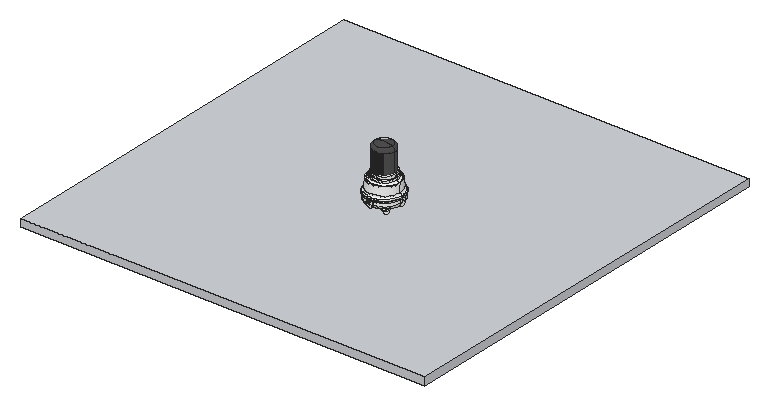
Revit family "ECJN05LLE", category Lighting Fixtures, host Face, Revit 2014
Parameters (values of type "ECJN05LLE")
  Wings = Paint - Hubbell - Light Silver
  Width = 280.00 mm
  Watts = 44 W
  Wattage Comments = "44W"
  Wattage = 44 W
  Warranty = "5 years Warranty"  # constant formula
  built-in parameter 1150110 = 1 (stored number, unit not read)
  Voltage = 120 V
  URL = "https://www.hubbell.com/chalmit/en"
  built-in parameter 1114217 = 1 (stored number, unit not read)
  Tilt Angle = 90.00°  # constant formula
  built-in parameter 1150109 = 1 (stored number, unit not read)
  built-in parameter 1150134 = 3
  built-in parameter 1150113 = 1 (stored number, unit not read)
  Reflector Finish = Hubbell - White Glass
  Product Link = "https://www.hubbell.com/chalmit/en/Products/Lighting-Controls/Harsh-Hazardous-Lighting/High-Bay---Low-Bay---Well-Glass/Eclipse-Jr-LED/p/2934993"
  Product Documentation Link = "https://hubbellcdn.com/specsheet/EclipseJr_Zone2_Datasheet_V4.pdf"
  Power Factor = 1
  Photometric Web File = "CHL_ECJN_05L_LE.ies"
  Pendent Height [instance] = 97.00 mm
  built-in parameter 1150142 = "﻿IESNA:LM-63-2002\r\n[TEST] PC19072546\r\n[TESTLAB] Hubbell Scotland\r\n[ISSUEDATE] 2019-07-25 \r\n[MANUFAC] Chalmit Lighting\r\n[LUMCAT]ECJN/05L/LE\r\n[LUMINAIRE]Eclipse Jnr LED\r\n[LAMPCAT] LED\r\n[LAMP]LED\r\n[_LUMTYPE] Low Bay\r\n[_LAMPTYPE] LED\r\n[_LAMPMORE] Light Emitting Diodes, White\r\n[_HAZRATING] Zone 2, Zone 22\r\n[_HAZPRO] Ex nA, Ex TC, ATEX\r\n[_ENVIRORATING] IP66\r\n[_AMBIENT] -40°C to +55°C\r\n[_MOUNT] Surface, Ceiling, Suspended, Wall, Stanchion, Pendent\r\n[_KEYWORDS] Wire Guard, Pole, Column, Mast\r\n[_DRAWFILE] ECLIPSEJR.dwg\r\n\r\nTILT=NONE\r\n1 -1 1 61 25 1 2 0.245 0.245 0.31\r\n1 1 40.92\r\n0 2.5 5 7.5 10 12.5 15 17.5 20 22.5 25 27.5 30 32.5 35 37.5 40 42.5 45 47.5 50 52.5 55 57.5 60 62.5 65 67.5 70 72.5 75 77.5 80 82.5 85 87.5 90 92.5 95 97.5 100 102.5 105 107.5 110 112.5 115 117.5 120 122.5 125 127.5 130 132.5 135 137.5 140 142.5 145 147.5 150\r\n0 15 30 45 60 75 90 105 120 135 150 165 180 195 210 225 240 255 270 285 300 315 330 345 360\r\n982.344 983.217 986.794 986.876 999.372 1050.22 1089.96 1034.5 914.355 838.618 828.806 855.618 888.536 891.746 891.317 898.788 896.052 881.263 848.185 815.74 778.782 744.459 706.506 675.355 647.519 613.944 584.294 558.727 530.736 502.63 475.504 444.666 411.306 376.511 340.811 308.648 287.954 270.961 260.639 248.099 236.833 224.263 213.599 202.587 189.239 174.442 157.46 142.049 130.095 116.232 99.9039 80.9484 32.7713 9.6001 8.48764 7.85578 7.4302 6.38387 5.40573 4.48224 3.90571\r\n984.641 981.267 978.646 968.076 996.394 1076.24 1092.31 1003.11 883.135 832.546 867.965 876.166 919.509 904.069 912.187 918.192 912.998 884.453 855.082 823.429 785.558 745.704 704.412 668.438 634.144 600.01 574.669 546.259 517.613 491.302 461.545 430.332 397.166 360.417 327.764 303.024 282.576 268.265 257.221 248.046 233.514 222.715 209.669 197.991 181.975 164.731 147.53 130.097 113.064 99.3001 86.9075 67.8367 33.1694 10.0688 8.52302 8.12018 7.99816 6.67936 5.15035 4.22456 3.8295\r\n985.544 982.117 971.899 955.975 970.904 1039.2 1087.89 1020.41 899.894 818.206 827.488 873.067 899.03 900.632 901.298 908.451 910.957 900.7 872.333 837.291 805.087 764.9 725.591 684.506 645.781 605.71 573.974 549.744 523.728 498.257 472.364 444.597 413.181 378.653 338.491 309.208 289.753 270.914 262.232 252.861 240.949 229.363 216.556 202.766 189.186 174.141 158.024 142.06 126.795 108.937 87.4486 65.5 32.6867 9.6184 7.9555 7.72787 7.3634 6.26291 5.09774 4.22386 3.55983\r\n982.204 979.544 965.87 942.21 968.781 1045.58 1071.76 973.419 849.136 799.942 851.733 874.631 902.056 898.46 905.121 912.419 911.246 885.375 851.906 819.225 786.876 749.508 709.769 669.215 630.172 594.97 567.468 539.521 510.71 483.555 458.09 429.879 397.167 360.625 328.358 304.547 281.567 268.895 260.072 249.524 238.235 225.267 212.912 199.776 184.055 169.004 152.82 139.807 128.55 112.538 90.4909 52.9245 16.0132 9.00145 7.81224 7.22565 7.15219 6.31803 4.71317 3.88102 3.06921\r\n983.927 982.628 976.561 954.262 967.651 1024.51 1076.52 1012.54 874.409 804.17 804.339 842.325 857.911 875.808 882.556 895.608 898.909 886.842 860.165 826.441 796.027 768.288 730.997 690.443 652.548 616.169 585.018 556.164 528.309 500.372 472.097 440.417 408.655 374.759 340.362 310.801 288.233 272.277 259.716 249.979 235.664 226.543 214.022 199.944 187.255 173.51 158.077 141.042 122.704 103.504 81.5108 58.5829 34.1032 11.3027 8.54885 8.02177 7.18187 6.02698 5.22111 3.92615 3.27581\r\n980.288 983.681 978.053 964.885 983.661 1036.69 1060.39 972.589 841.505 792.253 806.048 837.397 858.867 883.213 893.146 899.31 900.111 870.731 841.09 813.114 785.283 741.432 702.828 667.757 641.186 606.569 578.202 549.715 518.853 488.889 455.395 420.723 391.005 357.412 323.659 299.706 280.372 264.318 253.451 241.824 230.369 218.013 206.302 193.236 179.864 164 148.765 134.827 121.26 105.355 84.2456 60.4836 29.806 10.7196 8.11999 7.86813 6.76112 5.62593 4.08784 3.5484 2.20765\r\n982.3 984.762 984.429 967.767 963.264 1001.58 1052.53 1020.08 889.188 812.033 793.817 841.698 853.451 881.359 899.049 916.826 918.09 903.007 875.596 846.978 810.382 763.365 721.571 677.256 644.073 609.726 582.17 553.707 522.415 493.035 461.112 429.911 398.704 367.106 334.302 305.997 286.021 269.684 258.423 247.892 236.684 226.432 214.322 202.745 185.82 58.5862 45.768 39.1663 33.0067 26.0006 18.9375 9.09103 4.96505 4.08257 3.8542 3.52488 3.84483 3.35483 3.22262 2.36488 2.09772\r\n979.969 988.044 975.919 953.147 959.146 1011.07 1055.59 992.277 869.157 818.983 825.417 876.47 877.657 910.411 936.422 943.73 937.006 913.693 885.978 836.36 784.617 739.907 699.85 662.911 629.877 595.593 566 535.027 507.892 478.173 449.163 419.169 388.055 354.92 323.119 298.694 280.809 269.645 261.225 249.738 238.845 228.684 218.004 205.165 189.625 174.822 159.651 145.312 131.397 119.744 98.5211 66.4528 28.7679 9.39376 8.60435 7.87605 7.35515 6.596 4.86731 3.60504 2.64559\r\n981.325 986.577 986.765 946.138 929.699 970.277 1026.88 999.927 900.651 840.144 839.69 868.655 873.612 886.055 932.228 941.239 942.625 926.185 895.719 844.903 792.2 745.188 702.365 668.626 633.826 605.937 572.15 542.832 513.79 486.258 457.251 427.453 398.482 366.779 334.942 307.534 288.159 272.157 260.586 252.519 242.217 232.77 221.291 208.232 193.277 178.549 163.12 149.877 139.144 126.553 110.527 85.445 37.7408 9.99865 8.30215 8.33251 7.87421 6.3148 5.55555 4.52308 3.23628\r\n980.645 988.652 965.387 924.746 921.947 966.444 993.257 953.427 859.986 831.369 847.548 892.76 881.639 911.058 953.605 961.236 951.26 920.798 862.144 802.597 751.902 706.921 674.973 645.926 621.03 592.345 557.631 527.604 499.107 470.34 440.687 409.959 377.989 347.875 318.527 292.78 275.07 262.112 252.585 242.977 231.921 222.434 210.907 197.93 184.898 171.723 158.607 148.708 137.862 126.044 106.387 76.921 28.8606 9.49676 7.79786 8.07443 8.0947 6.68612 5.40689 4.79994 3.75726\r\n979.684 987.508 965.006 922.777 905.874 941.471 972.97 953.05 875.577 824.809 834.043 869.693 895.617 904.595 939.873 948.89 946.766 926.585 870.402 809.224 757.834 710.546 679.761 652.09 623.376 592.784 561 531.142 501.182 474.079 445.833 416.279 385.541 355.597 326.844 298.94 278.007 264.212 252.253 244.095 236.415 226.337 216.266 206.191 196.228 182.747 170.705 157.795 144.435 131.997 113.558 88.857 47.7096 11.5655 8.67284 8.44594 9.16232 7.61497 6.09673 4.61668 3.945\r\n980.881 979.617 946.356 903.89 908.572 946.713 968.921 923.506 833.999 790.076 806.777 848.344 860.474 888.44 929.037 930.288 925.746 890.269 828.275 775.606 728.28 695.632 666.826 637.281 604.942 569.592 539.651 509.108 480.62 455.564 426.421 397.804 367.513 337.977 308.455 283.174 267.963 261.04 255.023 246.156 238.692 230.083 219.192 207.283 195.193 183.507 165.51 147.138 132.21 120.137 105.334 75.8283 31.5529 9.99691 8.59924 9.09393 8.77136 7.90472 5.98175 4.91235 4.09655\r\n982.344 982.764 955.343 905.469 897.398 932.995 972.753 946.254 850.28 784.255 779.023 821.151 853.475 869.152 907.013 922.941 925.799 914.408 859.788 805.898 760.194 721.995 688.401 658.104 627.353 593.107 561.309 530.891 503.881 478.917 453.896 425.123 396.963 364.419 333.143 308.09 283.126 273.075 265.804 258.324 252.626 243.08 234.703 222.345 209.119 192.172 177.46 160.722 141.755 129.207 116.908 95.3229 57.7937 16.7957 9.82556 8.7159 9.01129 8.23139 7.11261 5.92229 4.63023\r\n984.641 993.609 972.695 921.86 901.182 933.772 991.051 987.6 879.94 788.266 779.124 819.234 856.101 873.525 911.869 942.702 937.774 931.972 877.256 826.03 781.518 740.086 707.346 677.121 654.064 624.109 591.408 556.526 527.956 497.133 467.801 438.022 408.503 379.641 347.25 319.423 300.479 287.029 276.309 269.453 259.254 249.254 238.559 226.6 212.108 194.929 180.395 165.516 152.213 139.767 128.476 114.39 75.6868 22.1573 9.19577 9.26272 9.46993 8.81127 7.53379 5.26658 4.50779\r\n985.544 990.11 956.115 913.423 919.172 961.096 1012.69 990.042 881.692 794.671 783.782 824.558 852.732 875.871 919.954 950.917 955.932 949.768 897.369 846.94 801.781 757.843 728.825 694.961 663.148 632.324 598.779 564.721 531.499 501.66 471.563 440.968 407.503 379.312 345.99 322.178 305.168 284.664 273.905 263.553 251.809 239.179 227.271 215.851 202.343 187.725 174.386 160.835 150.596 139.918 128.195 111.019 84.4715 23.9235 9.3969 8.91017 8.57925 8.65532 7.27985 5.48016 4.25395\r\n982.204 988.392 967.26 922.695 927.531 960.348 1000.31 987.885 879.086 787.228 774.003 811.338 856.057 860.541 906.463 937.46 940.356 938.464 897.794 840.607 796.52 741.268 707.462 672.251 643.02 611.459 581.475 551.525 520.523 494.734 468.759 443.531 410.531 378.377 345.727 314.925 295.968 277.388 264.194 255.53 246.121 233.179 221.853 209.798 197.273 183.147 167.037 154.181 141.615 130.25 115.45 97.0219 59.75 16.5589 8.57843 8.54962 8.68679 8.16811 6.55304 4.77307 4.25776\r\n983.927 979.998 950.42 926.267 935.003 977.927 1022.32 989.671 876.822 796.172 775.828 804.638 822.763 847.987 892.808 909.465 909.697 904.962 881.996 831.18 786.712 736.321 696.201 666.029 635.568 603.538 574.862 545.294 516.782 490.747 456.244 431.514 397.732 370.04 337.462 308.487 289.789 274.192 261.729 251.048 238.523 226.625 214.323 203.472 193.698 178.592 163.76 147.071 135.093 120.748 105.447 83.9396 53.6982 16.0789 8.22024 8.40438 8.52935 7.70316 6.51313 4.79742 3.98893\r\n980.288 982.889 952.071 925.176 920.007 951.853 1013.44 1023.05 924.674 808.138 775.808 805.034 827.676 845.859 883.246 895.516 899.759 889.593 870.46 843.6 793.493 751.993 704.663 664.35 630.727 600.627 573.298 549.363 520.769 490.453 461.581 438.126 408.521 379.304 342.311 312.127 290.217 275.923 265.526 255.495 246.876 234.643 221.524 209.988 198.753 185.201 170.55 153.531 138.132 125.481 108.055 86.8004 56.6005 20.8925 8.58751 7.3007 7.48798 6.48055 5.76108 4.17323 3.18335\r\n982.3 978.574 943.276 919.683 913.906 950.439 1014.93 1016.12 897.162 811.729 780.606 817.825 821.966 851.042 879.424 889.429 892.687 876.672 859.46 833.57 794.604 751.665 710.039 667.502 637.393 607.399 579.491 555.623 524.051 495.902 467.334 440.251 409.106 376.677 343.263 312.209 289.088 274.256 263.897 252.453 244.104 233.119 221.746 210.722 198.219 87.3318 59.2644 50.9721 42.5623 36.9085 29.4067 22.8468 12.8227 5.10768 3.92727 4.10527 4.25863 3.73598 3.30831 2.44705 2.20696\r\n979.969 976.851 957.423 935.047 922.116 954.494 1023.63 1048.76 939.169 828.058 790.289 820.851 835.124 864.205 883.063 895.081 898.224 886.041 859.383 833.044 809.899 764.601 723.434 679.395 645.13 615.18 586.871 562.685 529.231 496.906 469.544 442.769 410.695 377.394 344.005 313.292 290.319 272.684 262.335 254.385 243.235 229.727 219.163 207.879 195.187 182.494 166.281 149.469 134.458 123.564 107.172 92.0233 63.4376 20.8403 9.05724 8.26257 7.98933 6.53977 5.68404 4.29594 2.93408\r\n981.325 976.73 961.705 946.192 938.522 976.547 1054.08 1042.7 925.9 838.768 813.404 828.289 849.628 882.73 895.067 909.224 914.475 902.708 873.221 839.531 810.821 776.127 731.929 684.704 643.518 610.749 580.596 557.187 528.535 499.696 467.408 435.362 400.776 368.047 334.355 306.147 285.453 271.579 263.055 252.434 241.765 231.769 218.61 206.839 192.963 179.163 164.859 150.045 133.196 114.569 94.2523 76.2989 57.3212 15.8384 8.82653 8.44932 8.09774 7.05498 6.09446 4.73987 3.80871\r\n980.645 978.864 973.984 961.878 955.927 988.295 1052.86 1043.49 925.432 837.137 818.752 840.457 860.792 895.612 907.283 922.714 930.978 923.438 893.855 856.516 821.841 789.106 752.664 699.392 653.982 616.546 582.986 558.046 533.676 503.388 473.27 441.567 407.244 375.117 339.673 310.941 292.834 276.993 267.229 255.571 244.021 231.898 219.994 207 192.652 178.714 161.908 145.517 129.872 114.227 98.146 80.291 44.2621 12.415 8.60551 8.61092 8.36427 7.21377 6.04078 4.5774 4.12141\r\n979.684 979.042 978.757 967.029 978.622 1026.56 1078.25 1045.26 925.335 838.985 831.972 848.89 872.883 897.784 905.401 912.887 913.307 899.87 870.108 832.686 799.353 766.435 735.148 688.937 644.005 607.37 575.668 551.347 527.836 496.438 469.666 439.899 407.097 375.406 340.116 311.914 293.624 277.344 266.821 256.209 245.89 235.769 222.63 210.444 197.54 182.011 165.593 148.018 128.581 107.551 89.1167 68.0949 37.3571 13.7795 9.05753 8.41403 8.08538 6.972 5.84728 4.8565 3.67282\r\n980.881 978.12 980.07 978.241 972.965 1012.82 1072.84 1063.94 940.771 835.896 830.823 858.471 884.728 903.765 900.883 905.676 901.598 888.633 855.806 821.677 782.257 749.705 720.793 681.354 646.167 613.872 584.12 556.95 531.61 503.842 476.176 445.663 413.765 379.765 343.577 312.508 292.041 275.738 263.319 251.829 239.259 228.773 219.57 209.306 196.793 181.044 164.322 148.519 130.53 114.68 98.7079 77.3043 50.4228 14.6308 9.11386 8.69944 8.1238 7.82875 5.92475 4.63735 3.72033\r\n982.344 983.217 986.794 986.876 999.372 1050.22 1089.96 1034.5 914.355 838.618 828.806 855.618 888.536 891.746 891.317 898.788 896.052 881.263 848.185 815.74 778.782 744.459 706.506 675.355 647.519 613.944 584.294 558.727 530.736 502.63 475.504 444.666 411.306 376.511 340.811 308.648 287.954 270.961 260.639 248.099 236.833 224.263 213.599 202.587 189.239 174.442 157.46 142.049 130.095 116.232 99.9039 80.9484 32.7713 9.6001 8.48764 7.85578 7.4302 6.38387 5.40573 4.48224 3.90571\r\n"
  Mounting = Paint - Hubbell - Light Silver
  Model = "ECJN/05L/LE"
  Manufacturer = "Chalmit"  # constant formula
  built-in parameter 1150105 = 350.14 (stored number, unit not read)
  Lumens = 4400 lm
  built-in parameter 1150115 = 1 (stored number, unit not read)
  Load Classification = Lighting
  built-in parameter 1150137 = (empty or 0)
  built-in parameter 1150139 = (empty or 0)
  Length = 245.00 mm
  built-in parameter 1150112 = 1 (stored number, unit not read)
  built-in parameter 1150114 = 1 (stored number, unit not read)
  Lamp = "LED"  # constant formula
  Inner Length = 200.00 mm
  built-in parameter 1150132 = (empty or 0)
  built-in parameter 1150102 = (empty or 0)
  built-in parameter 1150107 = 3200 (stored number, unit not read)
  built-in parameter 1150138 = (empty or 0)
  built-in parameter 1150106 = 3.5014 (stored number, unit not read)
  IP Rating = "IP66/67"  # constant formula
  Housing Material = Paint - Hubbell - Matte White
  Glass = Hubbell - Glass
  Fixture distribution = "Direct"  # constant formula
  Features = "Excellent power savings – save 40% vs a 70W HPS lamp\r\nStrong photometric performance - utlises the latest in LED technology for an instant on crisp white light output\r\nCompact & Lightweight – The lightest out of all the 70W wellglass alternatives. Weighs just 5kg.\r\nEasy to Install – Simple one bolt access for installation\r\nWide Ambient Temperature Range - -40C to +55C\r\nAllows uplighting – utilises a unique LED optic\r\nCertified for use worldwide – ATEX, IECEx, EAC and INMETRO approvals for use in Zones 2 and 22\r\nWide Range of Mounting Options available – Pendant, Pole/Column, Medium Bay, Low Bay"  # constant formula
  Emit from Circle Diameter = 50.00 mm
  Emit Shape Visible in Rendering = no
  built-in parameter 1150104 = 9.2903 (stored number, unit not read)
  Height = 535.00 mm
  Dimming Lamp Color Temperature Shift = <None>
  Description = "The Eclipse Junior LED offers all of the power of our popular Eclipse II Wellglass with a 40% reduction in weight. Featuring the latest in LED optics, the Eclipse Jr is a highly energy efficient luminaire for use in Zones 2 and 22."  # constant formula
  Default Elevation = 1219.20 mm
  Copyright = " ©2020 Chalmit, a division of Hubbell Lighting, Inc"  # constant formula
  Contact = "https://www.hubbell.com/chalmit/en/contactUs"
  Connector Description = "Lighting Connector"  # constant formula
  Color Filter = 16777215
  built-in parameter 1114218 = 1 (stored number, unit not read)
  built-in parameter 1150133 = 10 (stored number, unit not read)
  Assembly Code = "D5020200"
  Apparent Load = Watts / Power Factor  # 44 VA
Reference planes
  plane 1 "Center (Front/Back)": y = 0
  plane 2: z = 14.125
  plane 3 "Center (Left/Right)": x = 0
  plane 4: z = -150.375
  plane 5: x = 122.5
  plane 6: x = -122.5
  plane 7: z = 105.125
  plane 8: x = -100
  plane 9: x = 100
  plane 10: z = 324.125
  plane 11: z = 178.125
Forms (mm)
  Extrusion 1, solid
    sketch origin (0, 0, 0) x (1, 0, 0) y (0, 1, 0)
      loop
        line (-1219.2, 1219.2) -> (-1219.2, -1219.2) -> (1219.2, -1219.2) -> (1219.2, 1219.2) -> (-1219.2, 1219.2)
    from 14.125 to -31.75
  Revolve 2, solid, material "Paint - Hubbell - Matte White" <- "Housing Material"
    sketch origin (0, 0, 0) x (1, 0, 0) y (0, 0, 1)
      loop
        line (0, 14.125) -> (110, 14.125) -> (110, 59.901) -> (108.072, 59.901)
        arc (108.072, 59.901) -> (107.741, 62.984) -> (105.315, 64.917) r 4.025
        arc (105.315, 64.917) -> (97.797, 70.363) -> (96.313, 79.526) r 12.159
        line (96.313, 79.526) -> (93.118, 129.575)
        arc (93.118, 129.575) -> (91.619, 130.067) -> (90.05, 130.233) r 7.473
        line (90.05, 130.233) -> (84.819, 130.233)
        arc (84.819, 130.233) -> (77.747, 133.162) -> (74.819, 140.233) r 10
        line (74.819, 140.233) -> (74.819, 150.932)
        arc (74.819, 150.932) -> (73.647, 153.76) -> (70.819, 154.932) r 4
        line (70.819, 154.932) -> (69.867, 154.932)
        arc (69.867, 154.932) -> (68.453, 155.518) -> (67.867, 156.932) r 2
        line (67.867, 156.932) -> (67.867, 170.435)
        arc (67.867, 170.435) -> (67.001, 173.248) -> (64.702, 175.087) r 5
        line (64.702, 175.087) -> (0, 175.087) -> (0, 14.125)
      axis (0, 175.087) -> (0, 14.125)
    angle from 0 to 360
  Revolve 3, solid, material "Hubbell - Glass" <- "Glass"
    sketch origin (0, 0, 0) x (1, 0, 0) y (0, 0, 1)
      loop
        line (0, 174.653) -> (65.886, 174.653) -> (65.886, 290.395)
        arc (65.886, 290.395) -> (61.291, 304.839) -> (49.196, 313.973) r 25
        arc (49.196, 313.973) -> (24.941, 320.731) -> (0, 324.182) r 187.707
        line (0, 324.182) -> (0, 174.653)
      axis (0, 324.182) -> (0, 174.653)
    angle from 0 to 360
  Revolve 4, void
    sketch origin (0, 0, 0) x (1, 0, 0) y (0, 0, 1)
      loop
        arc (116.125, 57.864) -> (111.159, 56.24) -> (107.934, 52.128) r 8.99
        line (107.934, 52.128) -> (107.934, 30.362) -> (99.501, 13.597) -> (128.307, 13.597) -> (128.307, 57.864) -> (116.125, 57.864)
      axis (0, 57.864) -> (0, 13.597)
    angle from 0 to 360
  Extrusion 5, solid, material "Paint - Hubbell - Matte White" <- "Housing Material"
    sketch origin (79.196, 0.804, 0) x (-1, 0, 0) y (0, 0, -1)
      loop
        line (63.393, -55.275) -> (95, -55.275) -> (95, -29.88)
        arc (95, -29.88) -> (79.196, -14.076) -> (63.393, -29.88) r 15.804
        line (63.393, -29.88) -> (63.393, -55.275)
      loop
        circle (79.821, -40.873) r 10
    from 96.209 to 110.953
  Extrusion 6, solid, material "Paint - Hubbell - Matte White" <- "Housing Material"
    sketch origin (0, 0, 0) x (0.707107, -0.707107, 0) y (0.707107, 0.707107, 0)
      loop
        arc (-133.365, 8.048) -> (-143.686, -5.03) -> (-133.365, -18.107) r 13.446
        line (-133.365, -18.107) -> (-87.53, -29.059)
        arc (-87.53, -29.059) -> (-90.673, -5.166) -> (-88.302, 18.816) r 105.315
        line (-88.302, 18.816) -> (-133.365, 8.048)
      loop
        circle (-127.929, -5.03) r 3.5
      loop
        line (133.365, 8.048) -> (86.741, 19.189)
        arc (86.741, 19.189) -> (88.251, -5.529) -> (83.947, -29.916) r 105.315
        line (83.947, -29.916) -> (133.365, -18.107)
        arc (133.365, -18.107) -> (143.686, -5.03) -> (133.365, 8.048) r 13.446
      loop
        circle (127.929, -5.03) r 3.5
    from 22.332 to 14.125
  Revolve 7, solid, material "Hubbell - Glass" <- "Glass"
    sketch origin (0, 0, -22.5) x (1, 0, 0) y (0, 0, 1)
      loop
        line (0, 197.421) -> (50, 197.421)
        arc (50, 197.421) -> (45.353, 225.219) -> (40.362, 252.958) r 2268.148
        arc (40.362, 252.958) -> (35.545, 264.041) -> (26.376, 271.913) r 26.999
        arc (26.376, 271.913) -> (13.463, 277.856) -> (0, 282.418) r 135.827
        line (0, 282.418) -> (0, 197.421)
      axis (0, 282.418) -> (0, 197.421)
    angle from 0 to 360
  Extrusion 8, void
    sketch origin (0, 0, 0) x (1, 0, 0) y (0, 1, 0)
      loop
        line (-0.373, 66.079) -> (-0.373, 65.289) -> (0.477, 65.289) -> (0.477, 66.079) -> (-0.373, 66.079)
      loop
        line (5.387, 65.86) -> (5.319, 65.073) -> (6.165, 64.999) -> (6.234, 65.786) -> (5.387, 65.86)
      loop
        line (2.509, 66.032) -> (2.475, 65.243) -> (3.324, 65.206) -> (3.359, 65.995) -> (2.509, 66.032)
      loop
        line (8.255, 65.562) -> (8.152, 64.779) -> (8.995, 64.668) -> (9.098, 65.451) -> (8.255, 65.562)
      loop
        line (13.938, 64.593) -> (13.767, 63.822) -> (14.597, 63.638) -> (14.768, 64.409) -> (13.938, 64.593)
      loop
        line (11.107, 65.14) -> (10.97, 64.362) -> (11.807, 64.214) -> (11.944, 64.992) -> (11.107, 65.14)
      loop
        line (16.742, 63.924) -> (16.537, 63.161) -> (17.359, 62.941) -> (17.563, 63.704) -> (16.742, 63.924)
      loop
        line (22.25, 62.221) -> (21.979, 61.479) -> (22.778, 61.188) -> (23.048, 61.931) -> (22.25, 62.221)
      loop
        line (19.514, 63.133) -> (19.277, 62.379) -> (20.087, 62.124) -> (20.325, 62.877) -> (19.514, 63.133)
      loop
        line (24.942, 61.192) -> (24.64, 60.462) -> (25.425, 60.136) -> (25.728, 60.866) -> (24.942, 61.192)
      loop
        line (30.181, 58.785) -> (29.816, 58.084) -> (30.57, 57.692) -> (30.935, 58.392) -> (30.181, 58.785)
      loop
        line (27.588, 60.045) -> (27.254, 59.329) -> (28.024, 58.97) -> (28.358, 59.686) -> (27.588, 60.045)
      loop
        line (32.716, 57.412) -> (32.321, 56.728) -> (33.057, 56.303) -> (33.452, 56.987) -> (32.716, 57.412)
      loop
        line (37.596, 54.343) -> (37.142, 53.695) -> (37.839, 53.208) -> (38.292, 53.855) -> (37.596, 54.343)
      loop
        line (35.189, 55.931) -> (34.765, 55.264) -> (35.482, 54.808) -> (35.906, 55.474) -> (35.189, 55.931)
      loop
        line (39.93, 52.651) -> (39.449, 52.024) -> (40.124, 51.507) -> (40.604, 52.134) -> (39.93, 52.651)
      loop
        line (44.367, 48.97) -> (43.833, 48.388) -> (44.46, 47.814) -> (44.994, 48.396) -> (44.367, 48.97)
      loop
        line (42.189, 50.859) -> (41.681, 50.254) -> (42.332, 49.708) -> (42.84, 50.313) -> (42.189, 50.859)
      loop
        line (46.461, 46.989) -> (45.902, 46.43) -> (46.503, 45.829) -> (47.062, 46.388) -> (46.461, 46.989)
      loop
        line (50.379, 42.76) -> (49.774, 42.253) -> (50.321, 41.602) -> (50.926, 42.109) -> (50.379, 42.76)
      loop
        line (48.466, 44.917) -> (47.884, 44.384) -> (48.458, 43.757) -> (49.04, 44.291) -> (48.466, 44.917)
      loop
        line (52.197, 40.522) -> (51.57, 40.041) -> (52.087, 39.367) -> (52.714, 39.848) -> (52.197, 40.522)
      loop
        line (55.53, 35.819) -> (54.863, 35.394) -> (55.32, 34.677) -> (55.986, 35.102) -> (55.53, 35.819)
      loop
        line (53.914, 38.207) -> (53.267, 37.754) -> (53.755, 37.058) -> (54.402, 37.511) -> (53.914, 38.207)
      loop
        line (57.039, 33.363) -> (56.355, 32.968) -> (56.78, 32.231) -> (57.464, 32.626) -> (57.039, 33.363)
      loop
        line (59.73, 28.264) -> (59.014, 27.93) -> (59.373, 27.16) -> (60.089, 27.494) -> (59.73, 28.264)
      loop
        line (58.44, 30.843) -> (57.74, 30.478) -> (58.132, 29.724) -> (58.833, 30.089) -> (58.44, 30.843)
      loop
        line (60.906, 25.632) -> (60.176, 25.33) -> (60.501, 24.544) -> (61.231, 24.847) -> (60.906, 25.632)
      loop
        line (62.908, 20.226) -> (62.155, 19.989) -> (62.41, 19.178) -> (63.164, 19.416) -> (62.908, 20.226)
      loop
        line (61.966, 22.951) -> (61.224, 22.681) -> (61.514, 21.882) -> (62.257, 22.152) -> (61.966, 22.951)
      loop
        line (63.731, 17.463) -> (62.967, 17.258) -> (63.187, 16.437) -> (63.951, 16.642) -> (63.731, 17.463)
      loop
        line (65.01, 11.842) -> (64.232, 11.705) -> (64.38, 10.868) -> (65.158, 11.005) -> (65.01, 11.842)
      loop
        line (64.432, 14.666) -> (63.66, 14.495) -> (63.844, 13.666) -> (64.616, 13.837) -> (64.432, 14.666)
      loop
        line (65.465, 8.995) -> (64.681, 8.892) -> (64.792, 8.049) -> (65.576, 8.152) -> (65.465, 8.995)
      loop
        line (66, 3.255) -> (65.21, 3.221) -> (65.247, 2.372) -> (66.037, 2.406) -> (66, 3.255)
      loop
        line (65.795, 6.131) -> (65.008, 6.062) -> (65.082, 5.215) -> (65.869, 5.284) -> (65.795, 6.131)
      loop
        line (66.079, 0.373) -> (65.289, 0.373) -> (65.289, -0.477) -> (66.079, -0.477) -> (66.079, 0.373)
      loop
        line (65.86, -5.387) -> (65.073, -5.319) -> (64.999, -6.165) -> (65.786, -6.234) -> (65.86, -5.387)
      loop
        line (66.032, -2.509) -> (65.243, -2.475) -> (65.206, -3.324) -> (65.995, -3.359) -> (66.032, -2.509)
      loop
        line (65.562, -8.255) -> (64.779, -8.152) -> (64.668, -8.995) -> (65.451, -9.098) -> (65.562, -8.255)
      loop
        line (64.593, -13.938) -> (63.822, -13.767) -> (63.638, -14.597) -> (64.409, -14.768) -> (64.593, -13.938)
      loop
        line (65.14, -11.107) -> (64.362, -10.97) -> (64.214, -11.807) -> (64.992, -11.944) -> (65.14, -11.107)
      loop
        line (63.924, -16.742) -> (63.161, -16.537) -> (62.941, -17.359) -> (63.704, -17.563) -> (63.924, -16.742)
      loop
        line (62.221, -22.25) -> (61.479, -21.979) -> (61.188, -22.778) -> (61.931, -23.048) -> (62.221, -22.25)
      loop
        line (63.133, -19.514) -> (62.379, -19.277) -> (62.124, -20.087) -> (62.877, -20.325) -> (63.133, -19.514)
      loop
        line (61.192, -24.942) -> (60.462, -24.64) -> (60.136, -25.425) -> (60.866, -25.728) -> (61.192, -24.942)
      loop
        line (58.785, -30.181) -> (58.084, -29.816) -> (57.692, -30.57) -> (58.392, -30.935) -> (58.785, -30.181)
      loop
        line (60.045, -27.588) -> (59.329, -27.254) -> (58.97, -28.024) -> (59.686, -28.358) -> (60.045, -27.588)
      loop
        line (57.412, -32.716) -> (56.728, -32.321) -> (56.303, -33.057) -> (56.987, -33.452) -> (57.412, -32.716)
      loop
        line (54.343, -37.596) -> (53.695, -37.142) -> (53.208, -37.839) -> (53.855, -38.292) -> (54.343, -37.596)
      loop
        line (55.931, -35.189) -> (55.264, -34.765) -> (54.808, -35.482) -> (55.474, -35.906) -> (55.931, -35.189)
      loop
        line (52.651, -39.93) -> (52.024, -39.449) -> (51.507, -40.124) -> (52.134, -40.604) -> (52.651, -39.93)
      loop
        line (48.97, -44.367) -> (48.388, -43.833) -> (47.814, -44.46) -> (48.396, -44.994) -> (48.97, -44.367)
      loop
        line (50.859, -42.189) -> (50.254, -41.681) -> (49.708, -42.332) -> (50.313, -42.84) -> (50.859, -42.189)
      loop
        line (46.989, -46.461) -> (46.43, -45.902) -> (45.829, -46.503) -> (46.388, -47.062) -> (46.989, -46.461)
      loop
        line (42.76, -50.379) -> (42.253, -49.774) -> (41.602, -50.321) -> (42.109, -50.926) -> (42.76, -50.379)
      loop
        line (44.917, -48.466) -> (44.384, -47.884) -> (43.757, -48.458) -> (44.291, -49.04) -> (44.917, -48.466)
      loop
        line (40.522, -52.197) -> (40.041, -51.57) -> (39.367, -52.087) -> (39.848, -52.714) -> (40.522, -52.197)
      loop
        line (35.819, -55.53) -> (35.394, -54.863) -> (34.677, -55.32) -> (35.102, -55.986) -> (35.819, -55.53)
      loop
        line (38.207, -53.914) -> (37.754, -53.267) -> (37.058, -53.755) -> (37.511, -54.402) -> (38.207, -53.914)
      loop
        line (33.363, -57.039) -> (32.968, -56.355) -> (32.231, -56.78) -> (32.626, -57.464) -> (33.363, -57.039)
      loop
        line (28.264, -59.73) -> (27.93, -59.014) -> (27.16, -59.373) -> (27.494, -60.089) -> (28.264, -59.73)
      loop
        line (30.843, -58.44) -> (30.478, -57.74) -> (29.724, -58.132) -> (30.089, -58.833) -> (30.843, -58.44)
      loop
        line (25.632, -60.906) -> (25.33, -60.176) -> (24.544, -60.501) -> (24.847, -61.231) -> (25.632, -60.906)
      loop
        line (20.226, -62.908) -> (19.989, -62.155) -> (19.178, -62.41) -> (19.416, -63.164) -> (20.226, -62.908)
      loop
        line (22.951, -61.966) -> (22.681, -61.224) -> (21.882, -61.514) -> (22.152, -62.257) -> (22.951, -61.966)
      loop
        line (17.463, -63.731) -> (17.258, -62.967) -> (16.437, -63.187) -> (16.642, -63.951) -> (17.463, -63.731)
      loop
        line (11.842, -65.01) -> (11.705, -64.232) -> (10.868, -64.38) -> (11.005, -65.158) -> (11.842, -65.01)
      loop
        line (14.666, -64.432) -> (14.495, -63.66) -> (13.666, -63.844) -> (13.837, -64.616) -> (14.666, -64.432)
      loop
        line (8.995, -65.465) -> (8.892, -64.681) -> (8.049, -64.792) -> (8.152, -65.576) -> (8.995, -65.465)
      loop
        line (3.255, -66) -> (3.221, -65.21) -> (2.372, -65.247) -> (2.406, -66.037) -> (3.255, -66)
      loop
        line (6.131, -65.795) -> (6.062, -65.008) -> (5.215, -65.082) -> (5.284, -65.869) -> (6.131, -65.795)
      loop
        line (0.373, -66.079) -> (0.373, -65.289) -> (-0.477, -65.289) -> (-0.477, -66.079) -> (0.373, -66.079)
      loop
        line (-5.387, -65.86) -> (-5.319, -65.073) -> (-6.165, -64.999) -> (-6.234, -65.786) -> (-5.387, -65.86)
      loop
        line (-2.509, -66.032) -> (-2.475, -65.243) -> (-3.324, -65.206) -> (-3.359, -65.995) -> (-2.509, -66.032)
      loop
        line (-8.255, -65.562) -> (-8.152, -64.779) -> (-8.995, -64.668) -> (-9.098, -65.451) -> (-8.255, -65.562)
      loop
        line (-13.938, -64.593) -> (-13.767, -63.822) -> (-14.597, -63.638) -> (-14.768, -64.409) -> (-13.938, -64.593)
      loop
        line (-11.107, -65.14) -> (-10.97, -64.362) -> (-11.807, -64.214) -> (-11.944, -64.992) -> (-11.107, -65.14)
      loop
        line (-16.742, -63.924) -> (-16.537, -63.161) -> (-17.359, -62.941) -> (-17.563, -63.704) -> (-16.742, -63.924)
      loop
        line (-22.25, -62.221) -> (-21.979, -61.479) -> (-22.778, -61.188) -> (-23.048, -61.931) -> (-22.25, -62.221)
      loop
        line (-19.514, -63.133) -> (-19.277, -62.379) -> (-20.087, -62.124) -> (-20.325, -62.877) -> (-19.514, -63.133)
      loop
        line (-24.942, -61.192) -> (-24.64, -60.462) -> (-25.425, -60.136) -> (-25.728, -60.866) -> (-24.942, -61.192)
      loop
        line (-30.181, -58.785) -> (-29.816, -58.084) -> (-30.57, -57.692) -> (-30.935, -58.392) -> (-30.181, -58.785)
      loop
        line (-27.588, -60.045) -> (-27.254, -59.329) -> (-28.024, -58.97) -> (-28.358, -59.686) -> (-27.588, -60.045)
      loop
        line (-32.716, -57.412) -> (-32.321, -56.728) -> (-33.057, -56.303) -> (-33.452, -56.987) -> (-32.716, -57.412)
      loop
        line (-37.596, -54.343) -> (-37.142, -53.695) -> (-37.839, -53.208) -> (-38.292, -53.855) -> (-37.596, -54.343)
      loop
        line (-35.189, -55.931) -> (-34.765, -55.264) -> (-35.482, -54.808) -> (-35.906, -55.474) -> (-35.189, -55.931)
      loop
        line (-39.93, -52.651) -> (-39.449, -52.024) -> (-40.124, -51.507) -> (-40.604, -52.134) -> (-39.93, -52.651)
      loop
        line (-44.367, -48.97) -> (-43.833, -48.388) -> (-44.46, -47.814) -> (-44.994, -48.396) -> (-44.367, -48.97)
      loop
        line (-42.189, -50.859) -> (-41.681, -50.254) -> (-42.332, -49.708) -> (-42.84, -50.313) -> (-42.189, -50.859)
      loop
        line (-46.461, -46.989) -> (-45.902, -46.43) -> (-46.503, -45.829) -> (-47.062, -46.388) -> (-46.461, -46.989)
      loop
        line (-50.379, -42.76) -> (-49.774, -42.253) -> (-50.321, -41.602) -> (-50.926, -42.109) -> (-50.379, -42.76)
      loop
        line (-48.466, -44.917) -> (-47.884, -44.384) -> (-48.458, -43.757) -> (-49.04, -44.291) -> (-48.466, -44.917)
      loop
        line (-52.197, -40.522) -> (-51.57, -40.041) -> (-52.087, -39.367) -> (-52.714, -39.848) -> (-52.197, -40.522)
      loop
        line (-55.53, -35.819) -> (-54.863, -35.394) -> (-55.32, -34.677) -> (-55.986, -35.102) -> (-55.53, -35.819)
      loop
        line (-53.914, -38.207) -> (-53.267, -37.754) -> (-53.755, -37.058) -> (-54.402, -37.511) -> (-53.914, -38.207)
      loop
        line (-5.387, 65.86) -> (-6.234, 65.786) -> (-6.165, 64.999) -> (-5.319, 65.073) -> (-5.387, 65.86)
      loop
        line (-2.509, 66.032) -> (-3.359, 65.995) -> (-3.324, 65.206) -> (-2.475, 65.243) -> (-2.509, 66.032)
      loop
        line (-8.255, 65.562) -> (-9.098, 65.451) -> (-8.995, 64.668) -> (-8.152, 64.779) -> (-8.255, 65.562)
      loop
        line (-13.938, 64.593) -> (-14.768, 64.409) -> (-14.597, 63.638) -> (-13.767, 63.822) -> (-13.938, 64.593)
      loop
        line (-11.107, 65.14) -> (-11.944, 64.992) -> (-11.807, 64.214) -> (-10.97, 64.362) -> (-11.107, 65.14)
      loop
        line (-16.742, 63.924) -> (-17.563, 63.704) -> (-17.359, 62.941) -> (-16.537, 63.161) -> (-16.742, 63.924)
      loop
        line (-22.25, 62.221) -> (-23.048, 61.931) -> (-22.778, 61.188) -> (-21.979, 61.479) -> (-22.25, 62.221)
      loop
        line (-19.514, 63.133) -> (-20.325, 62.877) -> (-20.087, 62.124) -> (-19.277, 62.379) -> (-19.514, 63.133)
      loop
        line (-24.942, 61.192) -> (-25.728, 60.866) -> (-25.425, 60.136) -> (-24.64, 60.462) -> (-24.942, 61.192)
      loop
        line (-30.181, 58.785) -> (-30.935, 58.392) -> (-30.57, 57.692) -> (-29.816, 58.084) -> (-30.181, 58.785)
      loop
        line (-27.588, 60.045) -> (-28.358, 59.686) -> (-28.024, 58.97) -> (-27.254, 59.329) -> (-27.588, 60.045)
      loop
        line (-32.716, 57.412) -> (-33.452, 56.987) -> (-33.057, 56.303) -> (-32.321, 56.728) -> (-32.716, 57.412)
      loop
        line (-37.596, 54.343) -> (-38.292, 53.855) -> (-37.839, 53.208) -> (-37.142, 53.695) -> (-37.596, 54.343)
      loop
        line (-35.189, 55.931) -> (-35.906, 55.474) -> (-35.482, 54.808) -> (-34.765, 55.264) -> (-35.189, 55.931)
      loop
        line (-39.93, 52.651) -> (-40.604, 52.134) -> (-40.124, 51.507) -> (-39.449, 52.024) -> (-39.93, 52.651)
      loop
        line (-44.367, 48.97) -> (-44.994, 48.396) -> (-44.46, 47.814) -> (-43.833, 48.388) -> (-44.367, 48.97)
      loop
        line (-42.189, 50.859) -> (-42.84, 50.313) -> (-42.332, 49.708) -> (-41.681, 50.254) -> (-42.189, 50.859)
      loop
        line (-46.461, 46.989) -> (-47.062, 46.388) -> (-46.503, 45.829) -> (-45.902, 46.43) -> (-46.461, 46.989)
      loop
        line (-50.379, 42.76) -> (-50.926, 42.109) -> (-50.321, 41.602) -> (-49.774, 42.253) -> (-50.379, 42.76)
      loop
        line (-48.466, 44.917) -> (-49.04, 44.291) -> (-48.458, 43.757) -> (-47.884, 44.384) -> (-48.466, 44.917)
      loop
        line (-52.197, 40.522) -> (-52.714, 39.848) -> (-52.087, 39.367) -> (-51.57, 40.041) -> (-52.197, 40.522)
      loop
        line (-55.53, 35.819) -> (-55.986, 35.102) -> (-55.32, 34.677) -> (-54.863, 35.394) -> (-55.53, 35.819)
      loop
        line (-53.914, 38.207) -> (-54.402, 37.511) -> (-53.755, 37.058) -> (-53.267, 37.754) -> (-53.914, 38.207)
      loop
        line (-57.039, 33.363) -> (-57.464, 32.626) -> (-56.78, 32.231) -> (-56.355, 32.968) -> (-57.039, 33.363)
      loop
        line (-59.73, 28.264) -> (-60.089, 27.494) -> (-59.373, 27.16) -> (-59.014, 27.93) -> (-59.73, 28.264)
      loop
        line (-58.44, 30.843) -> (-58.833, 30.089) -> (-58.132, 29.724) -> (-57.74, 30.478) -> (-58.44, 30.843)
      loop
        line (-60.906, 25.632) -> (-61.231, 24.847) -> (-60.501, 24.544) -> (-60.176, 25.33) -> (-60.906, 25.632)
      loop
        line (-62.908, 20.226) -> (-63.164, 19.416) -> (-62.41, 19.178) -> (-62.155, 19.989) -> (-62.908, 20.226)
      loop
        line (-61.966, 22.951) -> (-62.257, 22.152) -> (-61.514, 21.882) -> (-61.224, 22.681) -> (-61.966, 22.951)
      loop
        line (-63.731, 17.463) -> (-63.951, 16.642) -> (-63.187, 16.437) -> (-62.967, 17.258) -> (-63.731, 17.463)
